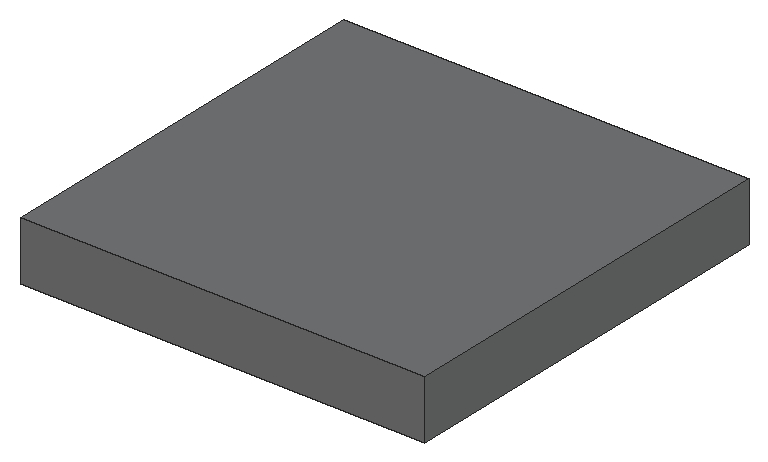
Revit family "Gira_027028", category Electrical Fixtures, host Face, Revit 2017
Family settings
  Host = Face
  Maintain Annotation Orientation = No
  Round Connector Dimension = Use Diameter
  Part Type = Normal
  Cut with Voids When Loaded = No
  Shared = No
  Room Calculation Point = No
Parameters (values of type "Abd. UAE/IAE + Netzwerk System 55 Anthrazit")
  Zusammenstellung = "Zentralplatte"
  Werkstoffgüte = "sonstige"
  Werkstoff = "Kunststoff"
  Verwendung = "UAE/IAE"
  URL = "http://katalog.gira.de/de_DE/datenblatt.html?artikelnr=027028"
  Transparent = "No"
  Tragring = "No"
  Region = "DE"
  Oberfläche = "sonstige"
  Name = "Abd. UAE/IAE + Netzwerk System 55 Anthrazit"
  Montageart = "unter Putz"
  Mit Zugentlastung = "No"
  Mit Staubschutz = "No"
  Mit Klappdeckel = "No"
  Mit Aufdruck = "No"
  Manufacturer URL = "https://www.gira.de/"
  Lüsterklemme = "No"
  Keynote = "Sys55_Abdeckung_Schalten und Tasten"
  HeinzeBIM = "https://bimportal.heinze.de/bim/abd-uae-iae-netzwerk-system-55-anthrazit/c516e296553922eca6f7850688fa3846e453e28b"
  Halogenfrei = "No"
  HAN = "027028"
  Geeignet für Schutzart (IP) = "IP20"
  GTIN = "4010337270287"
  Farbe = "anthrazit"
  Default Elevation = 1219.2 mm
  Data sheet (1) = "https://katalog.gira.de/de_DE/download.html?artikelnr=027028"
  Category = "Einsatz/Abdeckung für Kommunikationstechnik"
  Beschriftungsfeld = "ohne Beschriftungsfeld"
  Befestigungsart = "Befestigung mit Schraube"
  Available = "Yes"
  Ausführung der Oberfläche = "nicht zutreffend"
  Anthrazit [instance] = Anthrazit
Reference planes
  plane 1 "Center (Front/Back)": y = 0
  plane 2: z = 0
  plane 3 "Center (Left/Right)": x = 0
Forms (mm)
  Extrusion 1, solid, material "Anthrazit" <- "Anthrazit", detail levels fine
    sketch origin (0, 0, 0) x (1, 0, 0) y (0, 1, 0)
      loop
        line (-27.5, 27.5) -> (-27.5, -27.5) -> (27.5, -27.5) -> (27.5, 27.5) -> (-27.5, 27.5)
    from 0 to 8
  Extrusion 2, void
    sketch origin (0, 0, 0) x (1, 0, 0) y (0, 1, 0)
      loop
        line (26, 26) -> (-26, 26) -> (-26, -26) -> (26, -26) -> (26, 26)
    from 0 to 6
  Extrusion 3, solid, material "Anthrazit" <- "Anthrazit", detail levels medium
    sketch origin (0, 0, 0) x (1, 0, 0) y (0, 1, 0)
      loop
        line (-27.5, 27.5) -> (-27.5, -27.5) -> (27.5, -27.5) -> (27.5, 27.5) -> (-27.5, 27.5)
    from 0 to 8
  Extrusion 4, solid, material "Anthrazit" <- "Anthrazit", detail levels medium
    sketch origin (0, 0, 0) x (1, 0, 0) y (0, 1, 0)
      loop
        line (11, -17.5) -> (11, 17.5) -> (-11, 17.5) -> (-11, -17.5) -> (11, -17.5)
    from -6 to 6
  Extrusion 5, solid, material "Anthrazit" <- "Anthrazit", detail levels fine
    sketch origin (0, 0, 0) x (1, 0, 0) y (0, 1, 0)
      loop
        line (11, 17.5) -> (-11, 17.5) -> (-11, 16.5) -> (11, 16.5) -> (11, 17.5)
      loop
        line (-11, -16.5) -> (-11, -17.5) -> (11, -17.5) -> (11, -16.5) -> (-11, -16.5)
    from -4 to 6
  Extrusion 6, solid, material "Anthrazit" <- "Anthrazit", detail levels fine
    sketch origin (0, 0, 0) x (1, 0, 0) y (0, 1, 0)
      loop
        arc (5, 9.347) -> (0, 10.6) -> (-5, 9.347) r 10.6
        line (-5, 9.347) -> (-5, -9.347)
        arc (-5, -9.347) -> (0, -10.6) -> (5, -9.347) r 10.6
        line (5, -9.347) -> (5, 9.347)
    from -6 to 6
  Extrusion 7, solid, material "Anthrazit" <- "Anthrazit", detail levels coarse
    sketch origin (0, 0, 0) x (1, 0, 0) y (0, 1, 0)
      loop
        line (-27.5, 27.5) -> (-27.5, -27.5) -> (27.5, -27.5) -> (27.5, 27.5) -> (-27.5, 27.5)
    from -6 to 8
Cuts and joins
  Extrusion 2 cuts Extrusion 1
Dimensions and locks
  aligned and locked: plane 2 to host face
  aligned and locked: level to host face
